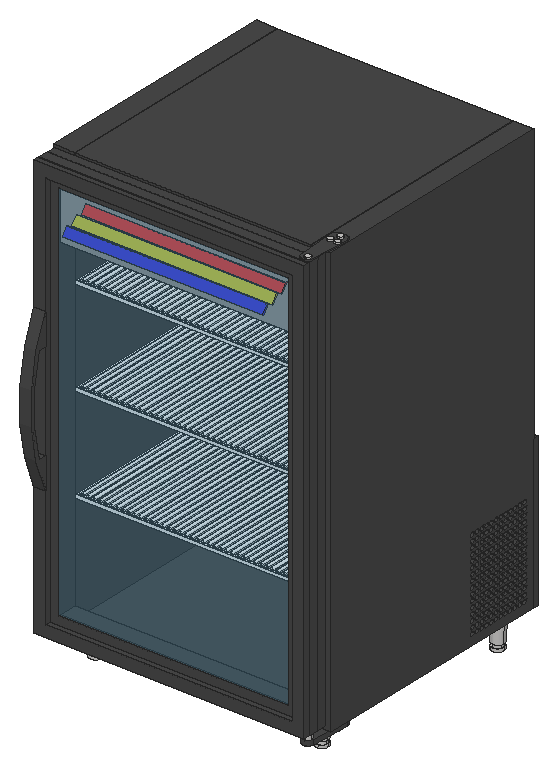
Revit family "QF_TRUE_GDM-07-HC-TSL01_cat", category Specialty Equipment, Revit 2015
Parameters
  Weight in Pounds = 180
  Watts = Volts * FL Amps  # 218.5 W
  Volts = 115 V
  URL Cutsheet = ""
  Specification by User = ""
  Specification by Manufacturer = ""
  Show Clearance [instance] = yes
  Serial Number = ""
  Seismic Rating = ""
  SMACNA No = ""
  Revision Code = ""
  Phase = 1
  Number of Poles = 1
  NAFEM Spec ID Number = ""
  Model = "GDM-07-HC-TSL01"
  Min Ckt Ampacity = 0 A
  Max Overcurrent Protection = 0 A
  Materials and Finishes [instance] = QF_Plastic-Black-Smooth
  Masterspec = ""
  Manufacturer = "TRUE"
  Length = 24 1/32"
  Item Number = ""
  Installed By = ""
  Identify Quantity as Lot = yes
  Height = 39 25/32"
  HP = "1/6"
  Furnished By = ""
  Foodservice Equipment Identifier = yes
  FL Amps = 1.9 A
  Electrical Remarks = ""
  Electric Connection Type = ""
  Elec Conn RI Height = 0"
  Elec Conn Connection Height = 0"
  Description = "SWING DOOR COUNTER-TOP REGFRIGERATOR WITH HYDROCARBON REFRIGERANT-TRUE-STANDARD LOOK VERSION 01"
  Depth = 26 19/32"
  Cycle = 60 Hz
  Conn Plug = "NEMA 5-15P"
  Conn Conduit = yes
  CSI MasterFormat = ""
  Apparent Power = 0 VA
Reference planes (in)
  plane 1 "BACK": y = 0
  plane 2: z = 0
  plane 3 "LEFT": x = 0
  plane 4 "RIGHT": x = 24.03125
  plane 5 "FRONT": y = -26.59375
  plane 6 "TOP": z = 39.78125
  plane 7 "Center Y": x = 12.01563
  plane 8 "Center X": y = -13.29687
  plane 9: z = 5.54687
  plane 10: z = 5.79687
  plane 11: y = -0.46875
  plane 12: y = -25
  plane 13: y = -47.28125
  plane 14: z = 2.5
  plane 15: z = 3
  plane 16: y = -22.4375
  plane 17: x = 1.1875
  plane 18: x = 2.18734
  plane 19: x = 22.84375
  plane 20: x = 21.84391
Forms (in)
  Extrusion 1, solid, material "QF_Plastic-Black-Smooth" <- "Materials and Finishes"
    sketch origin (0.03125, -25, 56.91604) x (0, 0, 1) y (1, 0, 0)
      loop
        line (-17.13479, 0.25) -> (-17.13479, 23.71875) -> (-53.91604, 23.71875) -> (-53.91604, 0.25) -> (-17.13479, 0.25)
      loop
        line (-52.91604, 1.25) -> (-18.13479, 1.25) -> (-18.13479, 22.71875) -> (-52.91604, 22.71875) -> (-52.91604, 1.25)
    from 0 to 0.5
  Extrusion 2, solid, material "QF_Plastic-Black-Smooth" <- "Materials and Finishes"
    sketch origin (0.03125, -25, 56.91604) x (0, 0, 1) y (1, 0, 0)
      loop
        line (-18.13479, 1.25) -> (-18.13479, 22.71875) -> (-52.91604, 22.71875) -> (-52.91604, 1.25) -> (-18.13479, 1.25)
      loop
        line (-18.88479, 2) -> (-18.88479, 21.96875) -> (-52.16604, 21.96875) -> (-52.16604, 2) -> (-18.88479, 2)
    from 2.25251 to 0.5
  Extrusion 3, solid, material "QF_Plastic-Black-Smooth" <- "Materials and Finishes"
    sketch origin (0.03125, -25, 56.91604) x (0, 0, 1) y (1, 0, 0)
      loop
        line (-17.13479, 0.25) -> (-17.13479, 23.71875) -> (-53.91604, 23.71875) -> (-53.91604, 0.25) -> (-17.13479, 0.25)
      loop
        line (-52.91604, 1.25) -> (-18.13479, 1.25) -> (-18.13479, 22.71875) -> (-52.91604, 22.71875) -> (-52.91604, 1.25)
    from 1.50251 to 0.5
  Extrusion 4, solid, material "QF_Plastic-Black-Smooth"
    sketch origin (0.03125, -25, 56.91604) x (0, 0, 1) y (1, 0, 0)
      loop
        line (-17.13479, 0.25) -> (-17.13479, 23.71875) -> (-53.91604, 23.71875) -> (-53.91604, 0.25) -> (-17.13479, 0.25)
      loop
        line (-52.91604, 1.25) -> (-18.13479, 1.25) -> (-18.13479, 22.71875) -> (-52.91604, 22.71875) -> (-52.91604, 1.25)
    from 1.50251 to 2.25251
  Extrusion 5, solid, material "QF_Plastic-Black-Smooth"
    sketch origin (0.03125, -25, 56.91604) x (0, 0, 1) y (1, 0, 0)
      loop
        line (-18.13479, 1.25) -> (-18.13479, 22.71875) -> (-52.91604, 22.71875) -> (-52.91604, 1.25) -> (-18.13479, 1.25)
      loop
        line (-18.25979, 1.375) -> (-18.25979, 22.59375) -> (-52.79104, 22.59375) -> (-52.79104, 1.375) -> (-18.25979, 1.375)
    from 2.25251 to 2.5625
  Extrusion 6, solid, material "QF_Plastic-Black-Smooth" <- "Materials and Finishes"
    sketch origin (20.40625, -71.30616, 39.78125) x (0, 1, 0) y (-1, 0, 0)
      loop
        line (70.83741, -1.84375) -> (70.83741, 18.625) -> (48.86866, 18.625) -> (48.86866, -1.84375) -> (70.83741, -1.84375)
    from 0 to -1
  Extrusion 7, solid, material "QF_Plastic-Black-Smooth" <- "Materials and Finishes"
    sketch origin (0.03125, 1.375, 4.29687) x (0, 1, 0) y (0, 0, 1)
      loop
        line (-1.84375, 34.48438) -> (-3.5, 34.48438) -> (-3.5, -0.79687) -> (-23.8125, -0.79687) -> (-23.8125, -1.79687) -> (-1.84375, -1.79687) -> (-1.84375, 34.48438)
    from 1.75 to 22.21875
  Extrusion 8, solid, material "Glass"
    sketch origin (0.03125, -24.5, 56.91604) x (0, 0, -1) y (1, 0, 0)
      loop
        line (52.16604, 2) -> (52.16604, 21.96875) -> (18.88479, 21.96875) -> (18.88479, 2) -> (52.16604, 2)
    from 0 to -0.125
  Extrusion 9, solid, material "QF_Plastic-Opaque-White"
    sketch origin (1.03125, -22.375, -39.59375) x (-1, 0, 0) y (0, 0, 1)
      loop
        line (-1, 77.625) -> (-20.96875, 77.625) -> (-20.96875, 73.375) -> (-1, 73.375) -> (-1, 77.625)
    from -0.37249 to -2
  Extrusion 10, solid, material "QF_Plastic-Yellow"
    sketch origin (1.03125, -24.375, -38.34375) x (1, 0, 0) y (0, 0, 1)
      loop
        line (2.10165, 73.75) -> (19.5, 73.75) -> (19.88386, 74.75) -> (2.48552, 74.75) -> (2.10165, 73.75)
    from 0 to 0.03125
  Extrusion 11, solid, material "QF_Plastic-Red"
    sketch origin (1.03125, -24.375, -39.34375) x (1, 0, 0) y (0, 0, 1)
      loop
        line (3.30123, 76.875) -> (2.91736, 75.875) -> (20.29973, 75.875) -> (20.68359, 76.875) -> (3.30123, 76.875)
    from 0 to 0.03125
  Extrusion 12, solid, material "QF_Plastic-Blue"
    sketch origin (1.03125, -24.375, -37.34375) x (1, 0, 0) y (0, 0, 1)
      loop
        line (1.28594, 71.625) -> (18.67864, 71.625) -> (19.0625, 72.625) -> (1.66981, 72.625) -> (1.28594, 71.625)
    from 0 to 0.03125
  Extrusion 13, solid, material "QF_Door-Drawer Clearances", visible <- "Show Clearance", detail levels coarse
    sketch origin (0.03125, 1.375, 4.29687) x (1, 0, 0) y (0, 1, 0)
      loop
        arc (0.25, -26.375) -> (7.54543, -42.19115) -> (23.71875, -48.65625) r 23.52804
        line (23.71875, -48.65625) -> (23.71875, -26.375) -> (0.25, -26.375)
    from -1.29687 to 35.48438
  Extrusion 14, solid, material "QF_Plastic-Black-Smooth" <- "Materials and Finishes"
    sketch origin (0.03125, 1.375, 4.29687) x (0, 1, 0) y (0, 0, 1)
      loop
        arc (-26.375, 24.08582) -> (-27.96875, 17.09363) -> (-26.375, 10.10144) r 16.13513
        line (-26.375, 10.10144) -> (-26.375, 12.85144) -> (-27.14183, 12.85144)
        arc (-27.14183, 12.85144) -> (-27.71875, 17.09363) -> (-27.14183, 21.33582) r 15.88513
        line (-27.14183, 21.33582) -> (-26.375, 21.33582) -> (-26.375, 24.08582)
    from 0.25 to 1.25
  Extrusion 15, solid, material "QF_Plastic-Black-Smooth" <- "Materials and Finishes"
    sketch origin (24, 1.375, 4.29687) x (0, -1, 0) y (0, 0, -1)
      loop
        line (1.84375, -35.48438) -> (23.8125, -35.48438) -> (23.8125, 1.79687) -> (1.84375, 1.79687) -> (1.84375, -35.48438)
      loop
        circle (8.48125, -6.85428) r 0.25
      loop
        circle (7.96562, -6.85428) r 0.25
      loop
        circle (7.45, -6.85428) r 0.25
      loop
        circle (6.93437, -6.85428) r 0.25
      loop
        circle (6.41875, -6.85428) r 0.25
      loop
        circle (5.90312, -6.85428) r 0.25
      loop
        circle (5.3875, -6.85428) r 0.25
      loop
        circle (4.87187, -6.85428) r 0.25
      loop
        circle (4.35625, -6.85428) r 0.25
      loop
        circle (3.84062, -6.85428) r 0.25
      loop
        circle (3.325, -6.85428) r 0.25
      loop
        circle (2.80937, -6.85428) r 0.25
      loop
        circle (8.48125, -6.33865) r 0.25
      loop
        circle (7.96562, -6.33865) r 0.25
      loop
        circle (7.45, -6.33865) r 0.25
      loop
        circle (6.93437, -6.33865) r 0.25
      loop
        circle (6.41875, -6.33865) r 0.25
      loop
        circle (5.90312, -6.33865) r 0.25
      loop
        circle (5.3875, -6.33865) r 0.25
      loop
        circle (4.87187, -6.33865) r 0.25
      loop
        circle (4.35625, -6.33865) r 0.25
      loop
        circle (3.84062, -6.33865) r 0.25
      loop
        circle (3.325, -6.33865) r 0.25
      loop
        circle (2.80937, -6.33865) r 0.25
      loop
        circle (8.48125, -5.82303) r 0.25
      loop
        circle (7.96562, -5.82303) r 0.25
      loop
        circle (7.45, -5.82303) r 0.25
      loop
        circle (6.93437, -5.82303) r 0.25
      loop
        circle (6.41875, -5.82303) r 0.25
      loop
        circle (5.90312, -5.82303) r 0.25
      loop
        circle (5.3875, -5.82303) r 0.25
      loop
        circle (4.87187, -5.82303) r 0.25
      loop
        circle (4.35625, -5.82303) r 0.25
      loop
        circle (3.84062, -5.82303) r 0.25
      loop
        circle (3.325, -5.82303) r 0.25
      loop
        circle (2.80937, -5.82303) r 0.25
      loop
        circle (8.48125, -5.3074) r 0.25
      loop
        circle (7.96562, -5.3074) r 0.25
      loop
        circle (7.45, -5.3074) r 0.25
      loop
        circle (6.93437, -5.3074) r 0.25
      loop
        circle (6.41875, -5.3074) r 0.25
      loop
        circle (5.90312, -5.3074) r 0.25
      loop
        circle (5.3875, -5.3074) r 0.25
      loop
        circle (4.87187, -5.3074) r 0.25
      loop
        circle (4.35625, -5.3074) r 0.25
      loop
        circle (3.84062, -5.3074) r 0.25
      loop
        circle (3.325, -5.3074) r 0.25
      loop
        circle (2.80937, -5.3074) r 0.25
      loop
        circle (8.48125, -4.79178) r 0.25
      loop
        circle (7.96562, -4.79178) r 0.25
      loop
        circle (7.45, -4.79178) r 0.25
      loop
        circle (6.93437, -4.79178) r 0.25
      loop
        circle (6.41875, -4.79178) r 0.25
      loop
        circle (5.90312, -4.79178) r 0.25
      loop
        circle (5.3875, -4.79178) r 0.25
      loop
        circle (4.87187, -4.79178) r 0.25
      loop
        circle (4.35625, -4.79178) r 0.25
      loop
        circle (3.84062, -4.79178) r 0.25
      loop
        circle (3.325, -4.79178) r 0.25
      loop
        circle (2.80937, -4.79178) r 0.25
      loop
        circle (8.48125, -4.27615) r 0.25
      loop
        circle (7.96562, -4.27615) r 0.25
      loop
        circle (7.45, -4.27615) r 0.25
      loop
        circle (6.93437, -4.27615) r 0.25
      loop
        circle (6.41875, -4.27615) r 0.25
      loop
        circle (5.90312, -4.27615) r 0.25
      loop
        circle (5.3875, -4.27615) r 0.25
      loop
        circle (4.87187, -4.27615) r 0.25
      loop
        circle (4.35625, -4.27615) r 0.25
      loop
        circle (3.84062, -4.27615) r 0.25
      loop
        circle (3.325, -4.27615) r 0.25
      loop
        circle (2.80937, -4.27615) r 0.25
      loop
        circle (8.48125, -3.76053) r 0.25
      loop
        circle (7.96562, -3.76053) r 0.25
      loop
        circle (7.45, -3.76053) r 0.25
      loop
        circle (6.93437, -3.76053) r 0.25
      loop
        circle (6.41875, -3.76053) r 0.25
      loop
        circle (5.90312, -3.76053) r 0.25
      loop
        circle (5.3875, -3.76053) r 0.25
      loop
        circle (4.87187, -3.76053) r 0.25
      loop
        circle (4.35625, -3.76053) r 0.25
      loop
        circle (3.84062, -3.76053) r 0.25
      loop
        circle (3.325, -3.76053) r 0.25
      loop
        circle (2.80937, -3.76053) r 0.25
      loop
        circle (8.48125, -3.2449) r 0.25
      loop
        circle (7.96562, -3.2449) r 0.25
      loop
        circle (7.45, -3.2449) r 0.25
      loop
        circle (6.93437, -3.2449) r 0.25
      loop
        circle (6.41875, -3.2449) r 0.25
      loop
        circle (5.90312, -3.2449) r 0.25
      loop
        circle (5.3875, -3.2449) r 0.25
      loop
        circle (4.87187, -3.2449) r 0.25
      loop
        circle (4.35625, -3.2449) r 0.25
      loop
        circle (3.84062, -3.2449) r 0.25
      loop
        circle (3.325, -3.2449) r 0.25
      loop
        circle (2.80937, -3.2449) r 0.25
      loop
        circle (8.48125, -2.72928) r 0.25
      loop
        circle (7.96562, -2.72928) r 0.25
      loop
        circle (7.45, -2.72928) r 0.25
      loop
        circle (6.93437, -2.72928) r 0.25
      loop
        circle (6.41875, -2.72928) r 0.25
      loop
        circle (5.90312, -2.72928) r 0.25
      loop
        circle (5.3875, -2.72928) r 0.25
      loop
        circle (4.87187, -2.72928) r 0.25
      loop
        circle (4.35625, -2.72928) r 0.25
      loop
        circle (3.84062, -2.72928) r 0.25
      loop
        circle (3.325, -2.72928) r 0.25
      loop
        circle (2.80937, -2.72928) r 0.25
      loop
        circle (8.48125, -2.21365) r 0.25
      loop
        circle (7.96562, -2.21365) r 0.25
      loop
        circle (7.45, -2.21365) r 0.25
      loop
        circle (6.93437, -2.21365) r 0.25
      loop
        circle (6.41875, -2.21365) r 0.25
      loop
        circle (5.90312, -2.21365) r 0.25
      loop
        circle (5.3875, -2.21365) r 0.25
      loop
        circle (4.87187, -2.21365) r 0.25
      loop
        circle (4.35625, -2.21365) r 0.25
      loop
        circle (3.84062, -2.21365) r 0.25
      loop
        circle (3.325, -2.21365) r 0.25
      loop
        circle (2.80937, -2.21365) r 0.25
      loop
        circle (8.48125, -1.69803) r 0.25
      loop
        circle (7.96562, -1.69803) r 0.25
      loop
        circle (7.45, -1.69803) r 0.25
      loop
        circle (6.93437, -1.69803) r 0.25
      loop
        circle (6.41875, -1.69803) r 0.25
      loop
        circle (5.90312, -1.69803) r 0.25
      loop
        circle (5.3875, -1.69803) r 0.25
      loop
        circle (4.87187, -1.69803) r 0.25
      loop
        circle (4.35625, -1.69803) r 0.25
      loop
        circle (3.84062, -1.69803) r 0.25
      loop
        circle (3.325, -1.69803) r 0.25
      loop
        circle (2.80937, -1.69803) r 0.25
      loop
        circle (8.48125, -1.1824) r 0.25
      loop
        circle (7.96562, -1.1824) r 0.25
      loop
        circle (7.45, -1.1824) r 0.25
      loop
        circle (6.93437, -1.1824) r 0.25
      loop
        circle (6.41875, -1.1824) r 0.25
      loop
        circle (5.90312, -1.1824) r 0.25
      loop
        circle (5.3875, -1.1824) r 0.25
      loop
        circle (4.87187, -1.1824) r 0.25
      loop
        circle (4.35625, -1.1824) r 0.25
      loop
        circle (3.84062, -1.1824) r 0.25
      loop
        circle (3.325, -1.1824) r 0.25
      loop
        circle (2.80937, -1.1824) r 0.25
      loop
        circle (8.48125, -0.66678) r 0.25
      loop
        circle (7.96562, -0.66678) r 0.25
      loop
        circle (7.45, -0.66678) r 0.25
      loop
        circle (6.93437, -0.66678) r 0.25
      loop
        circle (6.41875, -0.66678) r 0.25
      loop
        circle (5.90312, -0.66678) r 0.25
      loop
        circle (5.3875, -0.66678) r 0.25
      loop
        circle (4.87187, -0.66678) r 0.25
      loop
        circle (4.35625, -0.66678) r 0.25
      loop
        circle (3.84062, -0.66678) r 0.25
      loop
        circle (3.325, -0.66678) r 0.25
      loop
        circle (2.80937, -0.66678) r 0.25
      loop
        circle (8.48125, -0.15115) r 0.25
      loop
        circle (7.96562, -0.15115) r 0.25
      loop
        circle (7.45, -0.15115) r 0.25
      loop
        circle (6.93437, -0.15115) r 0.25
      loop
        circle (6.41875, -0.15115) r 0.25
      loop
        circle (5.90312, -0.15115) r 0.25
      loop
        circle (5.3875, -0.15115) r 0.25
      loop
        circle (4.87187, -0.15115) r 0.25
      loop
        circle (4.35625, -0.15115) r 0.25
      loop
        circle (3.84062, -0.15115) r 0.25
      loop
        circle (3.325, -0.15115) r 0.25
      loop
        circle (2.80937, -0.15115) r 0.25
      loop
        circle (8.48125, 0.36447) r 0.25
      loop
        circle (7.96562, 0.36447) r 0.25
      loop
        circle (7.45, 0.36447) r 0.25
      loop
        circle (6.93437, 0.36447) r 0.25
      loop
        circle (6.41875, 0.36447) r 0.25
      loop
        circle (5.90312, 0.36447) r 0.25
      loop
        circle (5.3875, 0.36447) r 0.25
      loop
        circle (4.87187, 0.36447) r 0.25
      loop
        circle (4.35625, 0.36447) r 0.25
      loop
        circle (3.84062, 0.36447) r 0.25
      loop
        circle (3.325, 0.36447) r 0.25
      loop
        circle (2.80937, 0.36447) r 0.25
      loop
        circle (8.48125, 0.8801) r 0.25
      loop
        circle (7.96562, 0.8801) r 0.25
      loop
        circle (7.45, 0.8801) r 0.25
      loop
        circle (6.93437, 0.8801) r 0.25
      loop
        circle (6.41875, 0.8801) r 0.25
      loop
        circle (5.90312, 0.8801) r 0.25
      loop
        circle (5.3875, 0.8801) r 0.25
      loop
        circle (4.87187, 0.8801) r 0.25
      loop
        circle (4.35625, 0.8801) r 0.25
      loop
        circle (3.84062, 0.8801) r 0.25
      loop
        circle (3.325, 0.8801) r 0.25
      loop
        circle (2.80937, 0.8801) r 0.25
    from 0.03125 to -1.75
  Extrusion 16, solid, material "QF_Plastic-Black-Smooth" <- "Materials and Finishes"
    sketch origin (3.56688, 1.375, 4.29687) x (1, 0, 0) y (0, 1, 0)
      loop
        arc (19.40165, -21.39984) -> (19.03744, -21.55726) -> (18.90258, -21.93042) r 0.5
        line (18.90258, -21.93042) -> (19.11273, -25.35979)
        arc (19.11273, -25.35979) -> (19.6118, -25.82921) -> (20.11086, -25.35979) r 0.5
        line (20.11086, -25.35979) -> (20.32101, -21.93042)
        arc (20.32101, -21.93042) -> (20.18615, -21.55726) -> (19.82195, -21.39984) r 0.5
        line (19.82195, -21.39984) -> (19.40165, -21.39984)
    from 35.48438 to 35.56944
  Extrusion 17, solid, material "QF_Metal - Stainless - Polished"
    sketch origin (3.625, 1.375, 4.29687) x (1, 0, 0) y (0, 1, 0)
      loop
        circle (19.6118, -21.78078) r 0.25
      loop
        circle (19.30218, -22.51019) r 0.25
      loop
        circle (19.92141, -22.51019) r 0.25
      loop
        circle (19.6118, -25.35979) r 0.25
    from 35.48438 to 35.64063
  Extrusion 18, solid, material "QF_Plastic-Black-Smooth" <- "Materials and Finishes"
    sketch origin (0.03125, 1.375, 4.29687) x (0, -1, 0) y (0, 0, 1)
      loop
        line (1.84375, 35.48438) -> (1.84375, -1.79687) -> (23.8125, -1.79687) -> (23.8125, 35.48438) -> (1.84375, 35.48438)
      loop
        circle (8.48125, 6.85428) r 0.25
      loop
        circle (7.96562, 6.85428) r 0.25
      loop
        circle (7.45, 6.85428) r 0.25
      loop
        circle (6.93437, 6.85428) r 0.25
      loop
        circle (6.41875, 6.85428) r 0.25
      loop
        circle (5.90312, 6.85428) r 0.25
      loop
        circle (5.3875, 6.85428) r 0.25
      loop
        circle (4.87187, 6.85428) r 0.25
      loop
        circle (4.35625, 6.85428) r 0.25
      loop
        circle (3.84062, 6.85428) r 0.25
      loop
        circle (3.325, 6.85428) r 0.25
      loop
        circle (2.80937, 6.85428) r 0.25
      loop
        circle (8.48125, 6.33865) r 0.25
      loop
        circle (7.96562, 6.33865) r 0.25
      loop
        circle (7.45, 6.33865) r 0.25
      loop
        circle (6.93437, 6.33865) r 0.25
      loop
        circle (6.41875, 6.33865) r 0.25
      loop
        circle (5.90312, 6.33865) r 0.25
      loop
        circle (5.3875, 6.33865) r 0.25
      loop
        circle (4.87187, 6.33865) r 0.25
      loop
        circle (4.35625, 6.33865) r 0.25
      loop
        circle (3.84062, 6.33865) r 0.25
      loop
        circle (3.325, 6.33865) r 0.25
      loop
        circle (2.80937, 6.33865) r 0.25
      loop
        circle (8.48125, 5.82303) r 0.25
      loop
        circle (7.96562, 5.82303) r 0.25
      loop
        circle (7.45, 5.82303) r 0.25
      loop
        circle (6.93437, 5.82303) r 0.25
      loop
        circle (6.41875, 5.82303) r 0.25
      loop
        circle (5.90312, 5.82303) r 0.25
      loop
        circle (5.3875, 5.82303) r 0.25
      loop
        circle (4.87187, 5.82303) r 0.25
      loop
        circle (4.35625, 5.82303) r 0.25
      loop
        circle (3.84062, 5.82303) r 0.25
      loop
        circle (3.325, 5.82303) r 0.25
      loop
        circle (2.80937, 5.82303) r 0.25
      loop
        circle (8.48125, 5.3074) r 0.25
      loop
        circle (7.96562, 5.3074) r 0.25
      loop
        circle (7.45, 5.3074) r 0.25
      loop
        circle (6.93437, 5.3074) r 0.25
      loop
        circle (6.41875, 5.3074) r 0.25
      loop
        circle (5.90312, 5.3074) r 0.25
      loop
        circle (5.3875, 5.3074) r 0.25
      loop
        circle (4.87187, 5.3074) r 0.25
      loop
        circle (4.35625, 5.3074) r 0.25
      loop
        circle (3.84062, 5.3074) r 0.25
      loop
        circle (3.325, 5.3074) r 0.25
      loop
        circle (2.80937, 5.3074) r 0.25
      loop
        circle (8.48125, 4.79178) r 0.25
      loop
        circle (7.96562, 4.79178) r 0.25
      loop
        circle (7.45, 4.79178) r 0.25
      loop
        circle (6.93437, 4.79178) r 0.25
      loop
        circle (6.41875, 4.79178) r 0.25
      loop
        circle (5.90312, 4.79178) r 0.25
      loop
        circle (5.3875, 4.79178) r 0.25
      loop
        circle (4.87187, 4.79178) r 0.25
      loop
        circle (4.35625, 4.79178) r 0.25
      loop
        circle (3.84062, 4.79178) r 0.25
      loop
        circle (3.325, 4.79178) r 0.25
      loop
        circle (2.80937, 4.79178) r 0.25
      loop
        circle (8.48125, 4.27615) r 0.25
      loop
        circle (7.96562, 4.27615) r 0.25
      loop
        circle (7.45, 4.27615) r 0.25
      loop
        circle (6.93437, 4.27615) r 0.25
      loop
        circle (6.41875, 4.27615) r 0.25
      loop
        circle (5.90312, 4.27615) r 0.25
      loop
        circle (5.3875, 4.27615) r 0.25
      loop
        circle (4.87187, 4.27615) r 0.25
      loop
        circle (4.35625, 4.27615) r 0.25
      loop
        circle (3.84062, 4.27615) r 0.25
      loop
        circle (3.325, 4.27615) r 0.25
      loop
        circle (2.80937, 4.27615) r 0.25
      loop
        circle (8.48125, 3.76053) r 0.25
      loop
        circle (7.96562, 3.76053) r 0.25
      loop
        circle (7.45, 3.76053) r 0.25
      loop
        circle (6.93437, 3.76053) r 0.25
      loop
        circle (6.41875, 3.76053) r 0.25
      loop
        circle (5.90312, 3.76053) r 0.25
      loop
        circle (5.3875, 3.76053) r 0.25
      loop
        circle (4.87187, 3.76053) r 0.25
      loop
        circle (4.35625, 3.76053) r 0.25
      loop
        circle (3.84062, 3.76053) r 0.25
      loop
        circle (3.325, 3.76053) r 0.25
      loop
        circle (2.80937, 3.76053) r 0.25
      loop
        circle (8.48125, 3.2449) r 0.25
      loop
        circle (7.96562, 3.2449) r 0.25
      loop
        circle (7.45, 3.2449) r 0.25
      loop
        circle (6.93437, 3.2449) r 0.25
      loop
        circle (6.41875, 3.2449) r 0.25
      loop
        circle (5.90312, 3.2449) r 0.25
      loop
        circle (5.3875, 3.2449) r 0.25
      loop
        circle (4.87187, 3.2449) r 0.25
      loop
        circle (4.35625, 3.2449) r 0.25
      loop
        circle (3.84062, 3.2449) r 0.25
      loop
        circle (3.325, 3.2449) r 0.25
      loop
        circle (2.80937, 3.2449) r 0.25
      loop
        circle (8.48125, 2.72928) r 0.25
      loop
        circle (7.96562, 2.72928) r 0.25
      loop
        circle (7.45, 2.72928) r 0.25
      loop
        circle (6.93437, 2.72928) r 0.25
      loop
        circle (6.41875, 2.72928) r 0.25
      loop
        circle (5.90312, 2.72928) r 0.25
      loop
        circle (5.3875, 2.72928) r 0.25
      loop
        circle (4.87187, 2.72928) r 0.25
      loop
        circle (4.35625, 2.72928) r 0.25
      loop
        circle (3.84062, 2.72928) r 0.25
      loop
        circle (3.325, 2.72928) r 0.25
      loop
        circle (2.80937, 2.72928) r 0.25
      loop
        circle (8.48125, 2.21365) r 0.25
      loop
        circle (7.96562, 2.21365) r 0.25
      loop
        circle (7.45, 2.21365) r 0.25
      loop
        circle (6.93437, 2.21365) r 0.25
      loop
        circle (6.41875, 2.21365) r 0.25
      loop
        circle (5.90312, 2.21365) r 0.25
      loop
        circle (5.3875, 2.21365) r 0.25
      loop
        circle (4.87187, 2.21365) r 0.25
      loop
        circle (4.35625, 2.21365) r 0.25
      loop
        circle (3.84062, 2.21365) r 0.25
      loop
        circle (3.325, 2.21365) r 0.25
      loop
        circle (2.80937, 2.21365) r 0.25
      loop
        circle (8.48125, 1.69803) r 0.25
      loop
        circle (7.96562, 1.69803) r 0.25
      loop
        circle (7.45, 1.69803) r 0.25
      loop
        circle (6.93437, 1.69803) r 0.25
      loop
        circle (6.41875, 1.69803) r 0.25
      loop
        circle (5.90312, 1.69803) r 0.25
      loop
        circle (5.3875, 1.69803) r 0.25
      loop
        circle (4.87187, 1.69803) r 0.25
      loop
        circle (4.35625, 1.69803) r 0.25
      loop
        circle (3.84062, 1.69803) r 0.25
      loop
        circle (3.325, 1.69803) r 0.25
      loop
        circle (2.80937, 1.69803) r 0.25
      loop
        circle (8.48125, 1.1824) r 0.25
      loop
        circle (7.96562, 1.1824) r 0.25
      loop
        circle (7.45, 1.1824) r 0.25
      loop
        circle (6.93437, 1.1824) r 0.25
      loop
        circle (6.41875, 1.1824) r 0.25
      loop
        circle (5.90312, 1.1824) r 0.25
      loop
        circle (5.3875, 1.1824) r 0.25
      loop
        circle (4.87187, 1.1824) r 0.25
      loop
        circle (4.35625, 1.1824) r 0.25
      loop
        circle (3.84062, 1.1824) r 0.25
      loop
        circle (3.325, 1.1824) r 0.25
      loop
        circle (2.80937, 1.1824) r 0.25
      loop
        circle (8.48125, 0.66678) r 0.25
      loop
        circle (7.96562, 0.66678) r 0.25
      loop
        circle (7.45, 0.66678) r 0.25
      loop
        circle (6.93437, 0.66678) r 0.25
      loop
        circle (6.41875, 0.66678) r 0.25
      loop
        circle (5.90312, 0.66678) r 0.25
      loop
        circle (5.3875, 0.66678) r 0.25
      loop
        circle (4.87187, 0.66678) r 0.25
      loop
        circle (4.35625, 0.66678) r 0.25
      loop
        circle (3.84062, 0.66678) r 0.25
      loop
        circle (3.325, 0.66678) r 0.25
      loop
        circle (2.80937, 0.66678) r 0.25
      loop
        circle (8.48125, 0.15115) r 0.25
      loop
        circle (7.96562, 0.15115) r 0.25
      loop
        circle (7.45, 0.15115) r 0.25
      loop
        circle (6.93437, 0.15115) r 0.25
      loop
        circle (6.41875, 0.15115) r 0.25
      loop
        circle (5.90312, 0.15115) r 0.25
      loop
        circle (5.3875, 0.15115) r 0.25
      loop
        circle (4.87187, 0.15115) r 0.25
      loop
        circle (4.35625, 0.15115) r 0.25
      loop
        circle (3.84062, 0.15115) r 0.25
      loop
        circle (3.325, 0.15115) r 0.25
      loop
        circle (2.80937, 0.15115) r 0.25
      loop
        circle (8.48125, -0.36447) r 0.25
      loop
        circle (7.96562, -0.36447) r 0.25
      loop
        circle (7.45, -0.36447) r 0.25
      loop
        circle (6.93437, -0.36447) r 0.25
      loop
        circle (6.41875, -0.36447) r 0.25
      loop
        circle (5.90312, -0.36447) r 0.25
      loop
        circle (5.3875, -0.36447) r 0.25
      loop
        circle (4.87187, -0.36447) r 0.25
      loop
        circle (4.35625, -0.36447) r 0.25
      loop
        circle (3.84062, -0.36447) r 0.25
      loop
        circle (3.325, -0.36447) r 0.25
      loop
        circle (2.80937, -0.36447) r 0.25
      loop
        circle (8.48125, -0.8801) r 0.25
      loop
        circle (7.96562, -0.8801) r 0.25
      loop
        circle (7.45, -0.8801) r 0.25
      loop
        circle (6.93437, -0.8801) r 0.25
      loop
        circle (6.41875, -0.8801) r 0.25
      loop
        circle (5.90312, -0.8801) r 0.25
      loop
        circle (5.3875, -0.8801) r 0.25
      loop
        circle (4.87187, -0.8801) r 0.25
      loop
        circle (4.35625, -0.8801) r 0.25
      loop
        circle (3.84062, -0.8801) r 0.25
      loop
        circle (3.325, -0.8801) r 0.25
      loop
        circle (2.80937, -0.8801) r 0.25
    from 0.03125 to -1.75
  Extrusion 19, solid, material "QF_Plastic-Black-Smooth" <- "Materials and Finishes"
    sketch origin (3.625, 1.375, 38.23438) x (0, -1, 0) y (1, 0, 0)
      loop
        arc (21.39984, 19.40165) -> (21.55726, 19.03744) -> (21.93042, 18.90258) r 0.5
        line (21.93042, 18.90258) -> (25.35979, 19.11273)
        arc (25.35979, 19.11273) -> (25.82921, 19.6118) -> (25.35979, 20.11086) r 0.5
        line (25.35979, 20.11086) -> (21.93042, 20.32101)
        arc (21.93042, 20.32101) -> (21.55726, 20.18615) -> (21.39984, 19.82195) r 0.5
        line (21.39984, 19.82195) -> (21.39984, 19.40165)
    from -36.10938 to -35.73438
  Extrusion 20, solid, material "QF_Plastic-Black-Smooth" <- "Materials and Finishes"
    sketch origin (3.625, 1.375, 1.5) x (1, 0, 0) y (0, 1, 0)
      loop
        circle (19.6118, -21.78078) r 0.25
      loop
        circle (19.30218, -22.51019) r 0.25
      loop
        circle (19.92141, -22.51019) r 0.25
    from 0.5 to 1
  Extrusion 21, solid, material "QF_Metal - Stainless - Polished"
    sketch origin (3.625, 1.375, 1.5) x (1, 0, 0) y (0, 1, 0)
      loop
        circle (19.6118, -25.35979) r 0.33744
    from 0.5 to 1.5
  Revolve 22, solid, material "QF_Metal - Stainless - Polished"
    sketch origin (-1.0625, -2.84375, 1.71875) x (1, 0, 0) y (0, 0, 1)
      loop
        line (1.71875, -1.71875) -> (2.25, -1.71875) -> (2.25, 0.78125) -> (1.61726, 0.78125) -> (1.71875, -1.15529) -> (1.87178, -1.15529) -> (1.87178, -1.50805) -> (1.71875, -1.50805) -> (1.71875, -1.71875)
      axis (2.25, 0.78125) -> (2.25, -1.71875)
    angle from 0 to 360
  Extrusion 23, solid, material "QF_Plastic-Black-Smooth"
    sketch origin (0.03125, 1.375, 1.5) x (0, 1, 0) y (0, 0, 1)
      loop
        line (-1.99424, 1) -> (-8.49424, 1) -> (-8.49424, 0.38992) -> (-1.99424, 0.38992) -> (-1.99424, 1)
    from 4.06234 to 19.90641
  Extrusion 24, solid, material "QF_Plastic - White - Smooth"
    sketch origin (-6.9261, -178.625, 29.58575) x (-1, 0, 0) y (0, -1, 0)
      loop
        line (-8.70735, -176.5) -> (-8.70735, -156.1875) -> (-29.1761, -156.1875) -> (-29.1761, -176.5) -> (-8.70735, -176.5)
      loop
        line (-8.95735, -176.25) -> (-8.95735, -156.375) -> (-28.9261, -156.375) -> (-28.9261, -176.25) -> (-8.95735, -176.25)
    from 0 to 0.25
  Extrusion 25, solid, material "QF_Plastic - White - Smooth"
    sketch origin (0.03125, 1.375, 3.10137) x (1, 0, 0) y (0, 0, 1)
      loop
        circle (10.23437, 26.73438) r 0.125
      loop
        circle (9.73437, 26.73438) r 0.125
      loop
        circle (9.23437, 26.73438) r 0.125
      loop
        circle (8.73437, 26.73438) r 0.125
      loop
        circle (8.23437, 26.73438) r 0.125
      loop
        circle (7.73437, 26.73438) r 0.125
      loop
        circle (7.23437, 26.73438) r 0.125
      loop
        circle (6.73437, 26.73438) r 0.125
      loop
        circle (6.23437, 26.73438) r 0.125
      loop
        circle (5.73437, 26.73438) r 0.125
      loop
        circle (5.23437, 26.73438) r 0.125
      loop
        circle (4.73437, 26.73438) r 0.125
      loop
        circle (4.23437, 26.73438) r 0.125
      loop
        circle (3.73437, 26.73438) r 0.125
      loop
        circle (3.23437, 26.73438) r 0.125
      loop
        circle (2.73437, 26.73438) r 0.125
      loop
        circle (2.23437, 26.73438) r 0.125
      loop
        circle (10.73437, 26.73438) r 0.125
      loop
        circle (11.23437, 26.73438) r 0.125
      loop
        circle (11.73437, 26.73438) r 0.125
      loop
        circle (13.73438, 26.73438) r 0.125
      loop
        circle (14.23438, 26.73438) r 0.125
      loop
        circle (14.73438, 26.73438) r 0.125
      loop
        circle (15.23438, 26.73438) r 0.125
      loop
        circle (15.73438, 26.73438) r 0.125
      loop
        circle (16.23438, 26.73438) r 0.125
      loop
        circle (16.73438, 26.73438) r 0.125
      loop
        circle (17.23438, 26.73438) r 0.125
      loop
        circle (17.73438, 26.73438) r 0.125
      loop
        circle (18.23438, 26.73438) r 0.125
      loop
        circle (18.73438, 26.73438) r 0.125
      loop
        circle (19.23438, 26.73438) r 0.125
      loop
        circle (19.73438, 26.73438) r 0.125
      loop
        circle (20.23438, 26.73438) r 0.125
      loop
        circle (20.73438, 26.73438) r 0.125
      loop
        circle (21.23438, 26.73438) r 0.125
      loop
        circle (21.73438, 26.73438) r 0.125
      loop
        circle (13.23438, 26.73438) r 0.125
      loop
        circle (12.73438, 26.73438) r 0.125
      loop
        circle (12.23438, 26.73438) r 0.125
    from 3.5 to 23.625
  Extrusion 26, solid, material "QF_Plastic - White - Smooth"
    sketch origin (-6.9261, -178.625, 21.2655) x (-1, 0, 0) y (0, -1, 0)
      loop
        line (-8.70735, -176.5) -> (-8.70735, -156.1875) -> (-29.1761, -156.1875) -> (-29.1761, -176.5) -> (-8.70735, -176.5)
      loop
        line (-8.95735, -176.25) -> (-8.95735, -156.375) -> (-28.9261, -156.375) -> (-28.9261, -176.25) -> (-8.95735, -176.25)
    from 0 to 0.25
  Extrusion 27, solid, material "QF_Plastic - White - Smooth"
    sketch origin (0.03125, 1.375, -5.21888) x (1, 0, 0) y (0, 0, 1)
      loop
        circle (10.23437, 26.73438) r 0.125
      loop
        circle (9.73437, 26.73438) r 0.125
      loop
        circle (9.23437, 26.73438) r 0.125
      loop
        circle (8.73437, 26.73438) r 0.125
      loop
        circle (8.23437, 26.73438) r 0.125
      loop
        circle (7.73437, 26.73438) r 0.125
      loop
        circle (7.23437, 26.73438) r 0.125
      loop
        circle (6.73437, 26.73438) r 0.125
      loop
        circle (6.23437, 26.73438) r 0.125
      loop
        circle (5.73437, 26.73438) r 0.125
      loop
        circle (5.23437, 26.73438) r 0.125
      loop
        circle (4.73437, 26.73438) r 0.125
      loop
        circle (4.23437, 26.73438) r 0.125
      loop
        circle (3.73437, 26.73438) r 0.125
      loop
        circle (3.23437, 26.73438) r 0.125
      loop
        circle (2.73437, 26.73438) r 0.125
      loop
        circle (2.23437, 26.73438) r 0.125
      loop
        circle (10.73437, 26.73438) r 0.125
      loop
        circle (11.23437, 26.73438) r 0.125
      loop
        circle (11.73437, 26.73438) r 0.125
      loop
        circle (13.73438, 26.73438) r 0.125
      loop
        circle (14.23438, 26.73438) r 0.125
      loop
        circle (14.73438, 26.73438) r 0.125
      loop
        circle (15.23438, 26.73438) r 0.125
      loop
        circle (15.73438, 26.73438) r 0.125
      loop
        circle (16.23438, 26.73438) r 0.125
      loop
        circle (16.73438, 26.73438) r 0.125
      loop
        circle (17.23438, 26.73438) r 0.125
      loop
        circle (17.73438, 26.73438) r 0.125
      loop
        circle (18.23438, 26.73438) r 0.125
      loop
        circle (18.73438, 26.73438) r 0.125
      loop
        circle (19.23438, 26.73438) r 0.125
      loop
        circle (19.73438, 26.73438) r 0.125
      loop
        circle (20.23438, 26.73438) r 0.125
      loop
        circle (20.73438, 26.73438) r 0.125
      loop
        circle (21.23438, 26.73438) r 0.125
      loop
        circle (21.73438, 26.73438) r 0.125
      loop
        circle (13.23438, 26.73438) r 0.125
      loop
        circle (12.73438, 26.73438) r 0.125
      loop
        circle (12.23438, 26.73438) r 0.125
    from 3.5 to 23.625
  Extrusion 28, solid, material "QF_Plastic - White - Smooth"
    sketch origin (-6.9261, -178.625, 12.94525) x (-1, 0, 0) y (0, -1, 0)
      loop
        line (-8.70735, -176.5) -> (-8.70735, -156.1875) -> (-29.1761, -156.1875) -> (-29.1761, -176.5) -> (-8.70735, -176.5)
      loop
        line (-8.95735, -176.25) -> (-8.95735, -156.375) -> (-28.9261, -156.375) -> (-28.9261, -176.25) -> (-8.95735, -176.25)
    from 0 to 0.25
  Extrusion 29, solid, material "QF_Plastic - White - Smooth"
    sketch origin (0.03125, 1.375, -13.53913) x (1, 0, 0) y (0, 0, 1)
      loop
        circle (10.23437, 26.73438) r 0.125
      loop
        circle (9.73437, 26.73438) r 0.125
      loop
        circle (9.23437, 26.73438) r 0.125
      loop
        circle (8.73437, 26.73438) r 0.125
      loop
        circle (8.23437, 26.73438) r 0.125
      loop
        circle (7.73437, 26.73438) r 0.125
      loop
        circle (7.23437, 26.73438) r 0.125
      loop
        circle (6.73437, 26.73438) r 0.125
      loop
        circle (6.23437, 26.73438) r 0.125
      loop
        circle (5.73437, 26.73438) r 0.125
      loop
        circle (5.23437, 26.73438) r 0.125
      loop
        circle (4.73437, 26.73438) r 0.125
      loop
        circle (4.23437, 26.73438) r 0.125
      loop
        circle (3.73437, 26.73438) r 0.125
      loop
        circle (3.23437, 26.73438) r 0.125
      loop
        circle (2.73437, 26.73438) r 0.125
      loop
        circle (2.23437, 26.73438) r 0.125
      loop
        circle (10.73437, 26.73438) r 0.125
      loop
        circle (11.23437, 26.73438) r 0.125
      loop
        circle (11.73437, 26.73438) r 0.125
      loop
        circle (13.73438, 26.73438) r 0.125
      loop
        circle (14.23438, 26.73438) r 0.125
      loop
        circle (14.73438, 26.73438) r 0.125
      loop
        circle (15.23438, 26.73438) r 0.125
      loop
        circle (15.73438, 26.73438) r 0.125
      loop
        circle (16.23438, 26.73438) r 0.125
      loop
        circle (16.73438, 26.73438) r 0.125
      loop
        circle (17.23438, 26.73438) r 0.125
      loop
        circle (17.73438, 26.73438) r 0.125
      loop
        circle (18.23438, 26.73438) r 0.125
      loop
        circle (18.73438, 26.73438) r 0.125
      loop
        circle (19.23438, 26.73438) r 0.125
      loop
        circle (19.73438, 26.73438) r 0.125
      loop
        circle (20.23438, 26.73438) r 0.125
      loop
        circle (20.73438, 26.73438) r 0.125
      loop
        circle (21.23438, 26.73438) r 0.125
      loop
        circle (21.73438, 26.73438) r 0.125
      loop
        circle (13.23438, 26.73438) r 0.125
      loop
        circle (12.73438, 26.73438) r 0.125
      loop
        circle (12.23438, 26.73438) r 0.125
    from 3.5 to 23.625
  Extrusion 30, solid, material "QF_Plastic-Black-Smooth" <- "Materials and Finishes"
    sketch origin (0, 0, 0) x (0, 1, 0) y (0, 0, 1)
      loop
        line (-0.46875, 2.5) -> (0, 2.5) -> (0, 15.69022) -> (-0.46875, 15.69022) -> (-0.46875, 2.5)
    from 0 to 24.03125
  Revolve 31, solid, material "QF_Metal - Stainless - Polished"
    sketch origin (-0.06266, -20.6875, 1.71875) x (1, 0, 0) y (0, 0, 1)
      loop
        line (1.71875, -1.71875) -> (2.25, -1.71875) -> (2.25, 0.78125) -> (1.61726, 0.78125) -> (1.71875, -1.15529) -> (1.87178, -1.15529) -> (1.87178, -1.50805) -> (1.71875, -1.50805) -> (1.71875, -1.71875)
      axis (2.25, 0.78125) -> (2.25, -1.71875)
    angle from 0 to 360
  Revolve 32, solid, material "QF_Metal - Stainless - Polished"
    sketch origin (25.09375, -2.84375, 1.71875) x (-1, 0, 0) y (0, 0, -1)
      loop
        line (1.71875, 1.71875) -> (1.71875, 1.50805) -> (1.87178, 1.50805) -> (1.87178, 1.15529) -> (1.71875, 1.15529) -> (1.61726, -0.78125) -> (2.25, -0.78125) -> (2.25, 1.71875) -> (1.71875, 1.71875)
      axis (2.25, -0.78125) -> (2.25, 1.71875)
    angle from 0 to 360
  Revolve 33, solid, material "QF_Metal - Stainless - Polished"
    sketch origin (24.09391, -20.6875, 1.71875) x (-1, 0, 0) y (0, 0, -1)
      loop
        line (1.71875, 1.71875) -> (1.71875, 1.50805) -> (1.87178, 1.50805) -> (1.87178, 1.15529) -> (1.71875, 1.15529) -> (1.61726, -0.78125) -> (2.25, -0.78125) -> (2.25, 1.71875) -> (1.71875, 1.71875)
      axis (2.25, -0.78125) -> (2.25, 1.71875)
    angle from 0 to 360
  Extrusion 34, solid, material "QF_Plastic-Black-Smooth" <- "Materials and Finishes"
    sketch origin (0, 0, 0) x (1, 0, 0) y (0, 0, 1)
      loop
        circle (12.01562, 9.09511) r 0.25
    from 0 to -0.125
Cuts and joins
  joined: Extrusion 19, Extrusion 20
Lines and regions (in)
  symbolic lines
    curve 1: line (0, -22.4375, 0) -> (22.64292, -22.4375, 0)
    curve 2: line (0, 0, 0) -> (0, -22.4375, 0)
    curve 3: line (24.03125, 0, 0) -> (0, 0, 0)
    curve 4: line (24.03125, -22.4375, 0) -> (24.03125, 0, 0)
    curve 5: line (24.03125, -0.46875, 0) -> (0, -0.46875, 0)
    curve 6: line (1.78125, -22.4375, 0) -> (1.78125, -0.46875, 0)
    curve 7: line (22.25, -0.46875, 0) -> (22.25, -22.4375, 0)
    curve 8: line (22.52758, -20.55542, 0) -> (22.73773, -23.98479, 0)
    curve 9: arc (22.73773, -23.98479, 0) -> (23.2368, -24.45421, 0) -> (23.73586, -23.98479, 0) r 0.5
    curve 10: line (23.73586, -23.98479, 0) -> (23.94601, -20.55542, 0)
    curve 11: arc (23.94601, -20.55542, 0) -> (23.81115, -20.18226, 0) -> (23.44695, -20.02484, 0) r 0.5
    curve 12: line (23.44695, -20.02484, 0) -> (23.02665, -20.02484, 0)
    curve 13: arc (23.02665, -20.02484, 0) -> (22.66244, -20.18226, 0) -> (22.52758, -20.55542, 0) r 0.5
    curve 14: arc (23.4868, -23.98479, 0) -> (23.2368, -23.73479, 0) -> (22.9868, -23.98479, 0) r 0.25
    curve 15: arc (22.9868, -23.98479, 0) -> (23.2368, -24.23479, 0) -> (23.4868, -23.98479, 0) r 0.25
    curve 16: arc (22.67718, -21.13519, 0) -> (22.92718, -21.38519, 0) -> (23.17718, -21.13519, 0) r 0.25
    curve 17: arc (23.17718, -21.13519, 0) -> (22.92718, -20.88519, 0) -> (22.67718, -21.13519, 0) r 0.25
    curve 18: arc (23.29641, -21.13519, 0) -> (23.54641, -21.38519, 0) -> (23.79641, -21.13519, 0) r 0.25
    curve 19: arc (23.79641, -21.13519, 0) -> (23.54641, -20.88519, 0) -> (23.29641, -21.13519, 0) r 0.25
    curve 20: arc (22.9868, -20.40578, 0) -> (23.2368, -20.65578, 0) -> (23.4868, -20.40578, 0) r 0.25
    curve 21: arc (23.4868, -20.40578, 0) -> (23.2368, -20.15578, 0) -> (22.9868, -20.40578, 0) r 0.25
    curve 22: line (23.83068, -22.4375, 0) -> (24.03125, -22.4375, 0)
    curve 23: line (0.28125, -22.74749, 0) -> (22.66191, -22.74749, 0)
    curve 24: line (0.28125, -22.74749, 0) -> (0.28125, -25, 0)
    curve 25: line (0.28125, -25, 0) -> (23.75, -25, 0)
    curve 26: line (23.75, -25, 0) -> (23.75, -23.75407, 0)
    curve 27: line (0.28125, -24.5, 0) -> (23.75, -24.5, 0)
    curve 28: line (0.28125, -23.49749, 0) -> (22.70787, -23.49749, 0)
    curve 29: line (1.28125, -22.74749, 0) -> (1.28125, -22.4375, 0)
  symbolic lines, style "QF_Door-Drawer Clearances"
    curve 30: line (23.75, -25, 0) -> (3.95461, -36.42887, 0)
    curve 31: arc (0.28125, -25, 0) -> (1.37675, -30.95266, 0) -> (3.95461, -36.42887, 0) r 23.52804
Dimensions and locks (in)
  equal spacing: plane 3 "LEFT", plane 7 "Center Y", plane 4 "RIGHT"
  "Length": plane 3 "LEFT" to plane 4 "RIGHT"
  equal spacing: plane 5 "FRONT", plane 8 "Center X", plane 1 "BACK"
  "Depth": plane 5 "FRONT" to plane 1 "BACK"
  "Height": plane 6 "TOP" to level
  plane 4 "RIGHT" to plane 3 "LEFT" = 24 1/32"
  plane 11 to plane 1 "BACK" = 15/32"
  plane 12 to plane 11 = 24 17/32"
  plane 5 "FRONT" to plane 12 = 1 19/32"
  level to plane 14 = 2 1/2"
  plane 11 to plane 13 = 46 13/16"
  plane 16 to plane 13 = 24 27/32"
  Extrusion 17 to plane 6 "TOP" to level = 5/32", 39 25/32"
  plane 5 "FRONT" to plane 1 "BACK" = 26 19/32"
  equal spacing: Extrusion 30, Extrusion 34 sketch curve, Extrusion 18
  aligned and locked: level to plane 2
Automatic sketch dimensions
  Extrusion 1 sketch curve to plane 15 = 0"
  Extrusion 1 sketch curve to plane 6 "TOP" = 0"
  Extrusion 1 sketch curve to plane 15 = 1"
  Extrusion 1 sketch curve to plane 6 "TOP" = 1"
  plane 3 "LEFT" to Extrusion 1 sketch curve = 9/32"
  plane 3 "LEFT" to Extrusion 1 sketch curve = 1 9/32"
  plane 4 "RIGHT" to Extrusion 1 sketch curve = 1 9/32"
  plane 4 "RIGHT" to Extrusion 1 sketch curve = 9/32"
  plane 4 "RIGHT" to Extrusion 2 sketch curve = 1 9/32"
  level to Extrusion 2 sketch curve = 4"
  Extrusion 2 sketch curve to Extrusion 2 sketch curve = 3/4"  (x3)
  Extrusion 2 sketch curve to plane 6 "TOP" = 1 3/4"
  Extrusion 2 sketch curve to plane 6 "TOP" = 1"
  plane 3 "LEFT" to Extrusion 2 sketch curve = 2 1/32"
  Extrusion 3 sketch curve to plane 6 "TOP" = 0"
  Extrusion 3 sketch curve to plane 6 "TOP" = 1"
  Extrusion 3 sketch curve to plane 9 = 1 35/64"
  plane 4 "RIGHT" to Extrusion 3 sketch curve = 9/32"
  Extrusion 3 sketch curve to Extrusion 3 sketch curve = 1"
  plane 4 "RIGHT" to Extrusion 3 sketch curve = 1 9/32"
  plane 3 "LEFT" to Extrusion 3 sketch curve = 1 9/32"
  plane 3 "LEFT" to Extrusion 3 sketch curve = 9/32"
  Extrusion 4 sketch curve to plane 6 "TOP" = 0"
  Extrusion 4 sketch curve to plane 6 "TOP" = 1"
  plane 3 "LEFT" to Extrusion 4 sketch curve = 1 9/32"
  level to Extrusion 4 sketch curve = 4"
  plane 4 "RIGHT" to Extrusion 4 sketch curve = 9/32"
  Extrusion 4 sketch curve to Extrusion 4 sketch curve = 1"
  plane 3 "LEFT" to Extrusion 4 sketch curve = 9/32"
  plane 4 "RIGHT" to Extrusion 4 sketch curve = 1 9/32"
  plane 3 "LEFT" to Extrusion 5 sketch curve = 1 9/32"
  level to Extrusion 5 sketch curve = 4"
  Extrusion 5 sketch curve to Extrusion 5 sketch curve = 1/8"  (x4)
  Extrusion 5 sketch curve to plane 6 "TOP" = 1 1/8"
  plane 4 "RIGHT" to Extrusion 5 sketch curve = 1 13/32"
  Extrusion 6 sketch curve to plane 16 = 0"
  Extrusion 6 sketch curve to plane 11 = 0"
  plane 4 "RIGHT" to Extrusion 6 sketch curve = 1 25/32"
  plane 3 "LEFT" to Extrusion 6 sketch curve = 1 25/32"
  Extrusion 7 sketch curve to plane 16 = 0"
  Extrusion 7 sketch curve to plane 11 = 0"
  Extrusion 7 sketch curve to plane 11 = 1 21/32"
  level to Extrusion 7 sketch curve = 2 1/2"
  Extrusion 7 sketch curve to Extrusion 7 sketch curve = 1"
  Extrusion 7 sketch curve to plane 6 "TOP" = 1"
  Extrusion 8 sketch curve to Extrusion 2 = 0"  (x3)
  Extrusion 2 to Extrusion 8 sketch curve = 0"
  plane 4 "RIGHT" to Extrusion 9 sketch curve = 2 1/32"
  plane 3 "LEFT" to Extrusion 9 sketch curve = 2 1/32"
  Extrusion 9 sketch curve to plane 6 "TOP" = 6"
  Extrusion 9 sketch curve to plane 6 "TOP" = 1 3/4"
  Extrusion 10 sketch curve to Extrusion 9 = 1.10165"
  Extrusion 10 sketch curve to Extrusion 10 sketch curve = 0.38386"  (x2)
  Extrusion 10 sketch curve to Extrusion 9 = 1 15/32"
  Extrusion 10 sketch curve to Extrusion 9 = 1 5/8"
  Extrusion 10 sketch curve to Extrusion 10 sketch curve = 1"
  Extrusion 11 sketch curve to Extrusion 9 = 1.91736"
  Extrusion 11 sketch curve to Extrusion 9 = 1/2"
  Extrusion 11 sketch curve to Extrusion 11 sketch curve = 0.38386"
  Extrusion 11 sketch curve to Extrusion 9 = 0.66902"
  Extrusion 11 sketch curve to Extrusion 9 = 73/256"
  Extrusion 11 sketch curve to Extrusion 11 sketch curve = 1"
  Extrusion 12 sketch curve to Extrusion 9 = 0.28594"
  Extrusion 12 sketch curve to Extrusion 9 = 0.66981"
  Extrusion 12 sketch curve to Extrusion 9 = 1/2"
  Extrusion 12 sketch curve to Extrusion 9 = 2.29011"
  Extrusion 12 sketch curve to Extrusion 12 sketch curve = 0.38386"
  Extrusion 12 sketch curve to Extrusion 12 sketch curve = 1"
  Extrusion 13 sketch curve to plane 12 = 0"
  Extrusion 13 sketch curve to plane 13 = 0"
  plane 3 "LEFT" to Extrusion 13 sketch curve = 9/32"
  plane 4 "RIGHT" to Extrusion 13 sketch curve = 9/32"
  plane 4 "RIGHT" to Extrusion 13 sketch curve = 0.25502"
  Extrusion 14 sketch curve to Extrusion 14 sketch curve = 0"  (x2)
  Extrusion 14 sketch curve to plane 12 = 0"  (x2)
  Extrusion 14 sketch curve to plane 12 = 0.76683"
  Extrusion 14 sketch curve to Extrusion 14 sketch curve = 0.76683"
  plane 8 "Center X" to Extrusion 14 sketch curve = 2.83826"
  level to Extrusion 14 sketch curve = 14.39831"
  Extrusion 14 sketch curve to Extrusion 14 sketch curve = 2 3/4"
  Extrusion 14 sketch curve to Extrusion 14 sketch curve = 4 31/128"
  Extrusion 15 sketch curve to plane 11 = 0"
  Extrusion 15 sketch curve to plane 16 = 0"
  Extrusion 15 sketch curve to plane 6 "TOP" = 0"
  Extrusion 15 sketch curve to plane 11 = 0.96562"
  Extrusion 15 sketch curve to Extrusion 15 sketch curve = 0"  (x131)
  Extrusion 15 sketch curve to Extrusion 15 sketch curve = 33/64"  (x251)
  level to Extrusion 15 sketch curve = 11.15115"
  Extrusion 15 sketch curve to Extrusion 15 sketch curve = 0.91678"
  plane 4 "RIGHT" to Extrusion 16 sketch curve = 1.56178"
  plane 4 "RIGHT" to Extrusion 16 sketch curve = 1.35163"
  Extrusion 16 sketch curve to Extrusion 16 sketch curve = 0.49906"  (x2)
  Extrusion 16 sketch curve to Extrusion 16 sketch curve = 0.4203"
  plane 4 "RIGHT" to Extrusion 16 sketch curve = 0.3535"
  plane 4 "RIGHT" to Extrusion 16 sketch curve = 0.14335"
  plane 12 to Extrusion 16 sketch curve = 1.01521"
  Extrusion 16 sketch curve to Extrusion 16 sketch curve = 0.03058"  (x2)
  plane 16 to Extrusion 16 sketch curve = 1.88208"
  Extrusion 16 sketch curve to Extrusion 16 sketch curve = 0"
  plane 4 "RIGHT" to Extrusion 17 sketch curve = 1.10407"
  plane 4 "RIGHT" to Extrusion 17 sketch curve = 0.79445"
  Extrusion 17 sketch curve to Extrusion 17 sketch curve = 0.30962"
  plane 4 "RIGHT" to Extrusion 17 sketch curve = 0.48484"
  plane 12 to Extrusion 17 sketch curve = 1.01521"
  plane 16 to Extrusion 17 sketch curve = 1.30231"
  Extrusion 17 sketch curve to Extrusion 17 sketch curve = 0"
  Extrusion 17 sketch curve to Extrusion 17 sketch curve = 0.72941"
  Extrusion 18 sketch curve to plane 11 = 0"
  Extrusion 18 sketch curve to plane 16 = 0"
  Extrusion 18 sketch curve to plane 6 "TOP" = 0"
  Extrusion 18 sketch curve to plane 11 = 0.96562"
  Extrusion 18 sketch curve to Extrusion 18 sketch curve = 0"  (x143)
  Extrusion 18 sketch curve to Extrusion 18 sketch curve = 33/64"  (x239)
  level to Extrusion 18 sketch curve = 11.15115"
  Extrusion 18 sketch curve to Extrusion 18 sketch curve = 0.91678"
  plane 4 "RIGHT" to Extrusion 19 sketch curve = 0.5843"
  plane 16 to Extrusion 19 sketch curve = 2.41266"
  Extrusion 19 sketch curve to Extrusion 19 sketch curve = 1/2"
  Extrusion 19 sketch curve to Extrusion 19 sketch curve = 0"
  Extrusion 19 sketch curve to Extrusion 19 sketch curve = 0.03058"  (x3)
  plane 4 "RIGHT" to Extrusion 19 sketch curve = 0.08524"
  plane 12 to Extrusion 19 sketch curve = 1.04579"
  plane 4 "RIGHT" to Extrusion 19 sketch curve = 0.29539"
  Extrusion 19 sketch curve to Extrusion 19 sketch curve = 0.49906"
  Extrusion 19 sketch curve to Extrusion 19 sketch curve = 0.4203"
  plane 4 "RIGHT" to Extrusion 20 sketch curve = 1.10407"
  Extrusion 20 sketch curve to Extrusion 20 sketch curve = 0.30962"
  plane 4 "RIGHT" to Extrusion 20 sketch curve = 0.48484"
  plane 16 to Extrusion 20 sketch curve = 1.30231"
  Extrusion 20 sketch curve to Extrusion 20 sketch curve = 0"
  Extrusion 20 sketch curve to Extrusion 20 sketch curve = 0.72941"
  plane 4 "RIGHT" to Extrusion 21 sketch curve = 0.79445"
  plane 12 to Extrusion 21 sketch curve = 1.01521"
  Revolve 22 sketch curve to level = 0"
  plane 17 to Revolve 22 sketch curve = 0"  (x2)
  plane 17 to Revolve 22 sketch curve = 0.37822"
  Revolve 22 sketch curve to Revolve 22 sketch curve = 0.15303"  (x2)
  plane 3 "LEFT" to Revolve 22 sketch curve = 0.55476"
  level to Revolve 22 sketch curve = 0.2107"
  Revolve 22 sketch curve to Revolve 22 sketch curve = 0.35275"
  Revolve 22 sketch curve to Revolve 22 sketch curve = 1.93654"
  Revolve 22 sketch curve to Revolve 22 sketch curve = 0.65529"
  Revolve 22 sketch curve to Revolve 22 sketch curve = 7/32"
  level to Extrusion 23 sketch curve = 2 1/2"
  plane 8 "Center X" to Extrusion 23 sketch curve = 6.17764"
  Extrusion 23 sketch curve to plane 11 = 0.15049"
  Extrusion 23 sketch curve to Extrusion 23 sketch curve = 0.61008"
  Extrusion 24 sketch curve to plane 16 = 0"
  plane 4 "RIGHT" to Extrusion 24 sketch curve = 1 25/32"
  Extrusion 24 sketch curve to Extrusion 24 sketch curve = 1/4"  (x3)
  plane 16 to Extrusion 24 sketch curve = 3/16"
  plane 3 "LEFT" to Extrusion 24 sketch curve = 2 1/32"
  Extrusion 24 sketch curve to plane 11 = 1 29/32"
  plane 3 "LEFT" to Extrusion 25 sketch curve = 2 17/64"
  Extrusion 25 sketch curve to Extrusion 25 sketch curve = 1/2"  (x37)
  Extrusion 25 sketch curve to plane 7 "Center Y" = 1/4"
  plane 7 "Center Y" to Extrusion 25 sketch curve = 1/4"
  Extrusion 25 sketch curve to plane 6 "TOP" = 9.9455"
  Extrusion 25 sketch curve to Extrusion 25 sketch curve = 0"  (x39)
  Extrusion 26 sketch curve to plane 16 = 0"
  plane 4 "RIGHT" to Extrusion 26 sketch curve = 1 25/32"
  Extrusion 26 sketch curve to Extrusion 26 sketch curve = 1/4"  (x3)
  plane 16 to Extrusion 26 sketch curve = 3/16"
  plane 3 "LEFT" to Extrusion 26 sketch curve = 2 1/32"
  Extrusion 26 sketch curve to plane 11 = 1 29/32"
  plane 3 "LEFT" to Extrusion 27 sketch curve = 2 17/64"
  Extrusion 27 sketch curve to Extrusion 27 sketch curve = 1/2"  (x37)
  Extrusion 27 sketch curve to plane 7 "Center Y" = 1/4"
  plane 7 "Center Y" to Extrusion 27 sketch curve = 1/4"
  Extrusion 27 sketch curve to plane 6 "TOP" = 18.26575"
  Extrusion 27 sketch curve to Extrusion 27 sketch curve = 0"  (x39)
  Extrusion 28 sketch curve to plane 16 = 0"
  plane 4 "RIGHT" to Extrusion 28 sketch curve = 1 25/32"
  Extrusion 28 sketch curve to Extrusion 28 sketch curve = 1/4"  (x3)
  plane 16 to Extrusion 28 sketch curve = 3/16"
  plane 3 "LEFT" to Extrusion 28 sketch curve = 2 1/32"
  Extrusion 28 sketch curve to plane 11 = 1 29/32"
  plane 3 "LEFT" to Extrusion 29 sketch curve = 2 17/64"
  Extrusion 29 sketch curve to Extrusion 29 sketch curve = 1/2"  (x37)
  Extrusion 29 sketch curve to plane 7 "Center Y" = 1/4"
  plane 7 "Center Y" to Extrusion 29 sketch curve = 1/4"
  level to Extrusion 29 sketch curve = 13.19525"
  Extrusion 29 sketch curve to Extrusion 29 sketch curve = 0"  (x39)
  Extrusion 30 sketch curve to plane 11 = 0"
  Extrusion 30 sketch curve to plane 1 "BACK" = 0"
  level to Extrusion 30 sketch curve = 2 1/2"
  Extrusion 30 sketch curve to Extrusion 30 sketch curve = 13.19022"
  Revolve 31 sketch curve to level = 0"
  plane 18 to Revolve 31 sketch curve = 0"  (x2)
  plane 18 to Revolve 31 sketch curve = 0.37822"
  Revolve 31 sketch curve to Revolve 31 sketch curve = 0.15303"  (x2)
  plane 18 to Revolve 31 sketch curve = 0.63274"
  level to Revolve 31 sketch curve = 0.2107"
  Revolve 31 sketch curve to Revolve 31 sketch curve = 0.35275"
  Revolve 31 sketch curve to Revolve 31 sketch curve = 1.93654"
  Revolve 31 sketch curve to Revolve 31 sketch curve = 0.65529"
  Revolve 31 sketch curve to Revolve 31 sketch curve = 7/32"
  Revolve 32 sketch curve to level = 0"
  plane 19 to Revolve 32 sketch curve = 0"  (x2)
  plane 19 to Revolve 32 sketch curve = 0.37822"
  Revolve 32 sketch curve to Revolve 32 sketch curve = 0.15303"  (x2)
  plane 4 "RIGHT" to Revolve 32 sketch curve = 0.55476"
  Revolve 32 sketch curve to Revolve 32 sketch curve = 0.2107"
  Revolve 32 sketch curve to Revolve 32 sketch curve = 0.35275"
  Revolve 32 sketch curve to Revolve 32 sketch curve = 1.93654"
  Revolve 32 sketch curve to Revolve 32 sketch curve = 0.65529"
  Revolve 32 sketch curve to Revolve 32 sketch curve = 7/32"
  Revolve 33 sketch curve to level = 0"
  plane 20 to Revolve 33 sketch curve = 0"  (x2)
  plane 20 to Revolve 33 sketch curve = 0.37822"
  Revolve 33 sketch curve to Revolve 33 sketch curve = 0.15303"  (x2)
  Revolve 33 sketch curve to Revolve 33 sketch curve = 0.63274"
  Revolve 33 sketch curve to Revolve 33 sketch curve = 0.2107"
  Revolve 33 sketch curve to Revolve 33 sketch curve = 0.35275"
  Revolve 33 sketch curve to Revolve 33 sketch curve = 1.93654"
  Revolve 33 sketch curve to Revolve 33 sketch curve = 0.65529"
  Revolve 33 sketch curve to Revolve 33 sketch curve = 7/32"
  curve 1 to plane 3 "LEFT" = 0"
  curve 25 to plane 12 = 0"
  curve 29 to plane 16 = 0"
  curve 6 to plane 11 = 0"
  curve 22 to plane 16 = 0"
  plane 1 "BACK" to curve 3 = 0"
  curve 3 to plane 4 "RIGHT" = 0"
  plane 3 "LEFT" to curve 25 = 9/32"
  plane 4 "RIGHT" to curve 8 = 1.50367"
  plane 4 "RIGHT" to curve 8 = 1.29352"
  curve 13 to curve 17 = 0.3996"
  curve 13 to curve 12 = 0.49906"
  curve 8 to curve 14 = 0.49906"
  curve 13 to curve 21 = 0.21015"
  curve 9 to curve 14 = 0"
  curve 20 to curve 11 = 0.21015"
  plane 4 "RIGHT" to curve 18 = 0.48484"
  plane 4 "RIGHT" to curve 10 = 0.29539"
  plane 4 "RIGHT" to curve 26 = 9/32"
  plane 4 "RIGHT" to curve 10 = 0.08524"
  plane 12 to curve 15 = 1.01521"
  curve 14 to curve 10 = 0"
  curve 14 to curve 9 = 0.03058"
  curve 23 to plane 16 = 0.30999"
  plane 16 to curve 16 = 1.30231"
  curve 16 to curve 18 = 0"
  curve 17 to curve 8 = 0.57977"
  curve 19 to curve 10 = 0.57977"
  curve 13 to curve 13 = 0.03058"
  curve 13 to curve 21 = 0.11906"
  curve 23 to curve 29 = 1"
  plane 3 "LEFT" to curve 6 = 1 25/32"
  plane 3 "LEFT" to curve 30 = 3.95461"
  curve 7 to curve 5 = 1 25/32"
  curve 17 to curve 16 = 1/4"
  curve 28 to curve 9 = 0.02986"
  curve 20 to curve 13 = 0.03985"
  curve 8 to curve 15 = 0.24906"
  curve 16 to curve 19 = 0.11923"
  plane 12 to curve 27 = 1/2"
  curve 26 to curve 31 = 0.02623"
  curve 26 to curve 31 = 0.00084"
  Extrusion 34 sketch curve to plane 7 "Center Y" = 0"
  radius of Extrusion 15 sketch curve = 1/4"  (x192)
  radius of Extrusion 17 sketch curve = 1/4"  (x4)
  radius of Extrusion 18 sketch curve = 1/4"  (x192)
  radius of Extrusion 20 sketch curve = 1/4"  (x3)
  radius of Extrusion 21 sketch curve = 0.33744"
  radius of Extrusion 25 sketch curve = 1/8"  (x40)
  radius of Extrusion 27 sketch curve = 1/8"  (x40)
  radius of Extrusion 29 sketch curve = 1/8"  (x40)
  radius of Extrusion 34 sketch curve = 1/4"
Connectors (in)
  electrical at (12.01562, 0.125, 9.09511), driven by "Volts", driven by "Watts"
    settings: on Extrusion 34, index 1, voltage 115 V, apparent load 218.5 VA, apparent load phase1 0 VA, apparent load phase2 0 VA, apparent load phase3 0 VA, power factor 1, load classification "Other", number of poles 1, system type 30, power factor state 1, is connector primary yes, connector utility no, sub classification motor no, connector description "ELECTRICAL CONNECTION"
